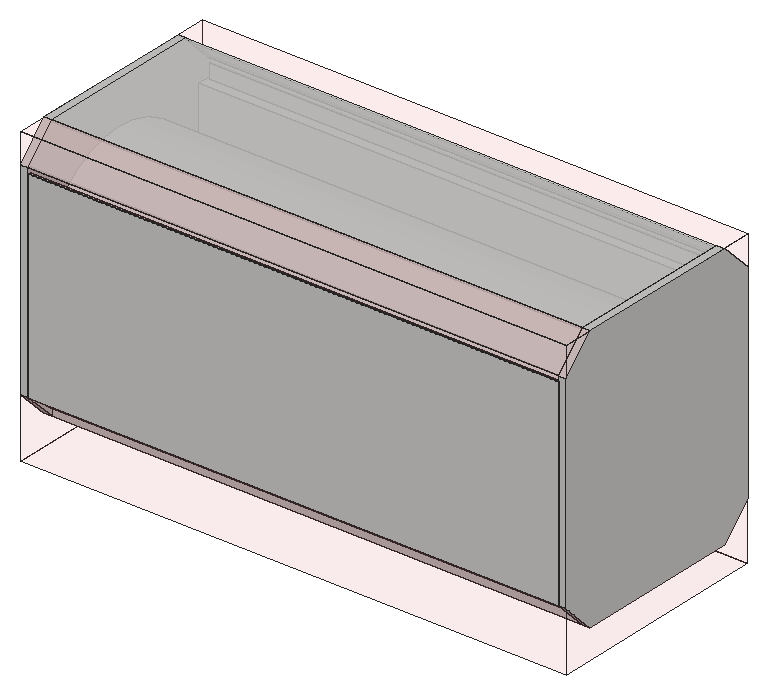
Revit family "Air-Curtain_Climate-Control_PoweredAire_ECE-E", category Mechanical Equipment, host Face, Revit 2024
Family settings
  Host = Face
  Round Connector Dimension = Use Diameter
  Part Type = Normal
  OmniClass Number = 23.75.35.17.21
  OmniClass Title = Air Curtains
  Cut with Voids When Loaded = No
  Maintain Annotation Orientation = No
  Shared = No
  Room Calculation Point = No
Parameters
  Warranty Duration (Years) = 0
  Unit Width Notes = "Other Widths available."  # constant formula
  Unit Width = 3' - 0"
  Unit Weight = 0
  Unit Height = 1' - 3"
  Unit Depth = 1' - 5 1/2"
  URL = "http://www.poweredaire.com/"
  Test Data = ""
  Temperature Rise_Range = "as Specified"
  Standards Conformance = "as Specified"
  Specification = "http://www.arcat.com/sdspecs/htm04/23_34_33pai.htm"
  SpecWizard = ""
  Sound Pressure = "as Specified"
  Sales Information = "http://www.poweredaire.com/contact_us"
  Revision = "R1_2016-08"
  Projection from Host [instance] = 0' - 2"
  Product Properties = ""
  Product Data = "http://www.arcat.com/arcatcos/cos47/arc47623.html"
  Power Rating = 0 W
  Outlet Volume_Range = "as Specified"
  Outlet Velocity_Range = "as Specified"
  Nozzle Width = if(1 = 1, Unit Width - 0' 1", 0' 0")  # 2' - 11"
  Mounting Width = if(1 = 1, Unit Width - 0' 0 15/16", 0' 0")  # 2' - 11 1/16"
  Mounting Height [instance] = 3' - 6"
  Motor RPM = 0
  Motor HP = 0
  Motor Count = 0
  Model = "As Specified"
  Max Height = 0' - 0"
  Manufacturer Website = "http://www.poweredaire.com/"
  Manufacturer Phone - Toll Free = "888-321-2473"
  Manufacturer Phone = "724-588-3305"
  Manufacturer Fax = "724-588-3371"
  Manufacturer Address = "109 Mortensen Rd.  Greenville, PA 16125"
  Manufacturer = "Powered Aire, Inc"
  Maintenance Schedule (Months) = 0
  Keynote = "23 34 33"
  Installation-Fabrication = ""
  Installation Phase = ""
  Include Clearance [instance] = yes
  Heating Element Load = 0 W
  HVAC_Temperature Rise [instance] = 0 °F
  HVAC_Outlet Volume [instance] = 0 CFM
  HVAC_Outlet Velocity Uniformity = 0
  HVAC_Outlet Velocity [instance] = 0 FPM
  Green Building-LEED = "http://www.arcat.com/green/clients/leed_data_47623.html"
  Front Grating Material [instance] = Metal - Steel - PoweredAire - Stainless 304 Perforated
  Frame Finish [instance] = Metal - Steel - PoweredAire - Stainless 304
  Expected Lifespan (Years) = 0
  Electrical_Wattage [instance] = Power Rating + Heating Element Load  # 0 W
  Electrical_Voltage [instance] = 0 V
  Electrical_Phase [instance] = 1
  Electrical_Frequency [instance] = 0 Hz
  Electrical_Amperage [instance] = 0 A
  Drawn By = "Sumex Design, Inc. / Robert S. Weygant, CSI, CDT, SCIP"
  Description = "Powered Aire Air Curtain as Specified"
  Default Elevation = 0' - 0"  # constant formula
  Copyright = "©Arcat Inc."
  Construction Details = "http://www.arcat.com/details/powair/prod3336.html"
  Clearance_Top [instance] = 0' - 0"
  Clearance_Side B [instance] = 0' - 0"
  Clearance_Side A [instance] = 0' - 0"
  Clearance_Intake [instance] = 0' - 0"
  Clearance_Bottom [instance] = 0' - 0"
  Clearance Material [instance] = ARCAT Clearance
  Building Codes = ""
  Available Options [instance] = "as Specified"
  Assembly Code = "D3090400"
Reference planes (in)
  plane 1 "Center (Elevation)": y = 0.13818
  plane 2: z = 0
  plane 3 "Center (Left/Right)": x = 0
  plane 4: y = 7.63818
  plane 5: y = -7.36182
  plane 6: x = -18
  plane 7: x = 18
  plane 8: z = 19.5
  plane 9 "FF": y = -41.86182
  plane 10: z = 2
  plane 11: x = 17.5
  plane 12: x = -17.5
  plane 13: y = 7.63818
  plane 14: y = -7.36182
  plane 15: x = -18
  plane 16: x = 18
  plane 17: z = 19.5
Forms (in)
  Extrusion 1, solid, material "Metal - Steel - PoweredAire - Stainless 304" <- "Frame Finish"
    sketch origin (0, 0, 0) x (0, 1, 0) y (0, 0, 1)
      loop
        line (5.69363, 2) -> (7.63818, 3.94454) -> (7.63818, 17.55546) -> (5.69363, 19.5) -> (-5.41728, 19.5) -> (-7.36182, 17.55546) -> (-7.36182, 3.94454) -> (-5.41728, 2) -> (5.69363, 2)
    from 17.5 to 18
  Extrusion 2, solid, material "Metal - Steel - PoweredAire - Stainless 304" <- "Frame Finish"
    sketch origin (0, 0, -0.5) x (0, 1, 0) y (0, 0, 1)
      loop
        circle (0.13818, 10.9739) r 6.25
      loop
        line (6.63818, 16.89427) -> (6.63818, 5.87829) -> (7.33849, 5.87829) -> (7.33849, 16.89427) -> (6.63818, 16.89427)
      loop
        line (-7.02798, 16.76927) -> (-7.02798, 5.75329) -> (-6.36182, 5.75329) -> (-6.36182, 16.76927) -> (-7.02798, 16.76927)
    from -17.5 to 17.5
  Extrusion 3, solid, material "Metal - Steel - PoweredAire - Stainless 304" <- "Frame Finish"
    sketch origin (0, 0, 0) x (0, 1, 0) y (0, 0, -1)
      loop
        line (5.69363, -2) -> (-5.41728, -2) -> (-7.36182, -3.94454) -> (-7.36182, -17.55546) -> (-5.41728, -19.5) -> (5.69363, -19.5) -> (7.63818, -17.55546) -> (7.63818, -3.94454) -> (5.69363, -2)
    from 17.5 to 18
  Extrusion 4, solid, material "Metal - Steel - PoweredAire - Stainless 304" <- "Frame Finish"
    sketch origin (0, 0, 0) x (0, 1, 0) y (0, 0, 1)
      loop
        line (-5.41728, 2) -> (5.69363, 2) -> (7.63818, 3.94454) -> (7.63818, 17.19454) -> (7.51318, 17.19454) -> (7.51318, 3.99632) -> (5.64186, 2.125) -> (-5.29228, 2.125) -> (-5.29228, 4.06954) -> (-7.23682, 4.06954) -> (-7.23682, 17.19454) -> (-7.36182, 17.19454) -> (-7.36182, 3.94454) -> (-5.41728, 3.94454) -> (-5.41728, 2)
      loop
        line (-6.64819, 3.61034) -> (-5.8702, 2.83235) -> (-5.74472, 2.95783) -> (-6.52271, 3.73583) -> (-6.64819, 3.61034)
    from -17.5 to 17.5
  Extrusion 5, solid, material "Metal - Steel - PoweredAire - Stainless 304 Perforated" <- "Front Grating Material"
    sketch origin (0, 0, 0) x (0, 1, 0) y (0, 0, 1)
      loop
        line (-7.36182, 17.19454) -> (-7.23682, 17.19454) -> (-7.23682, 17.50368) -> (-5.3655, 19.375) -> (5.64186, 19.375) -> (7.51318, 17.50368) -> (7.51318, 17.19454) -> (7.63818, 17.19454) -> (7.63818, 17.55546) -> (5.69363, 19.5) -> (-5.41728, 19.5) -> (-7.36182, 17.55546) -> (-7.36182, 17.19454)
    from -17.5 to 17.5
  Extrusion 6, solid, material "ARCAT Clearance" <- "Clearance Material", visible <- "Include Clearance"
    sketch origin (0, 0, 0) x (0, 1, 0) y (0, 0, 1)
      loop
        line (-7.36182, 19.5) -> (-7.36182, 0) -> (7.63818, 0) -> (7.63818, 19.5) -> (-7.36182, 19.5)
    from -18 to 18
Dimensions and locks (in)
  equal spacing: plane 4, plane 1 "Center (Elevation)", plane 5
  "Unit Height": plane 4 to plane 5
  equal spacing: plane 6, plane 3 "Center (Left/Right)", plane 7
  "Unit Width": plane 6 to plane 7
  "Mounting Height": plane 1 "Center (Elevation)" to plane 9 "FF"
  "Projection from Host": plane 10 to level
  "Unit Depth": plane 8 to plane 10
  locked: plane 6 to plane 12 at 0.5
  locked: plane 11 to plane 7 at 0.5
  "Clearance_Side A": plane 7 to plane 16
  "Clearance_Side B": plane 15 to plane 6
  "Clearance_Top": plane 13 to plane 4
  "Clearance_Bottom": plane 5 to plane 14
  "Clearance_Intake": plane 17 to plane 8
  aligned and locked: plane 2 to host face
  aligned and locked: level to host face
  aligned and locked: plane 7 to Extrusion 1
  aligned and locked: Extrusion 1 to plane 11
  aligned and locked: plane 12 to Extrusion 3
  aligned and locked: Extrusion 3 to plane 6
  aligned and locked: Extrusion 2 to plane 12
  aligned and locked: plane 11 to Extrusion 2
  aligned and locked: plane 11 to Extrusion 4
  aligned and locked: Extrusion 4 to plane 12
  aligned and locked: plane 11 to Extrusion 5
  aligned and locked: Extrusion 5 to plane 12
  aligned and locked: Extrusion 6 sketch curve to plane 17
  aligned and locked: plane 14 to Extrusion 6 sketch curve
  aligned and locked: level to Extrusion 6 sketch curve
  aligned and locked: Extrusion 6 sketch curve to plane 13
  aligned and locked: plane 16 to Extrusion 6
  aligned and locked: Extrusion 6 to plane 15
Automatic sketch dimensions
  host sketch curve to host sketch curve = 8' - 0"  (x2)
  Extrusion 1 sketch curve to plane 5 = 0' - 0"
  Extrusion 1 sketch curve to plane 8 = 0' - 0"
  Extrusion 1 sketch curve to plane 10 = 0' - 0"
  Extrusion 1 sketch curve to plane 4 = 0' - 0"
  plane 5 to Extrusion 1 sketch curve = 0' - 1.94454"  (x2)
  Extrusion 1 sketch curve to plane 4 = 0' - 1.94454"  (x2)
  plane 10 to Extrusion 1 sketch curve = 0' - 1.94454"  (x2)
  Extrusion 1 sketch curve to plane 8 = 0' - 1.94454"  (x2)
  Extrusion 2 sketch curve to plane 1 "Center (Elevation)" = 0' - 0"
  plane 5 to Extrusion 2 sketch curve = 0' - 1"
  plane 5 to Extrusion 2 sketch curve = 0' - 0.33384"
  Extrusion 2 sketch curve to plane 4 = 0' - 1"
  Extrusion 2 sketch curve to plane 4 = 0' - 0.29969"
  plane 10 to Extrusion 2 sketch curve = 0' - 3.37829"
  plane 10 to Extrusion 2 sketch curve = 0' - 3.25329"
  Extrusion 2 sketch curve to plane 8 = 0' - 9.0261"
  Extrusion 2 sketch curve to plane 8 = 0' - 3.23073"
  Extrusion 2 sketch curve to plane 8 = 0' - 3.10573"
  Extrusion 3 sketch curve to plane 5 = 0' - 0"
  Extrusion 3 sketch curve to plane 8 = 0' - 0"
  Extrusion 3 sketch curve to plane 10 = 0' - 0"
  Extrusion 3 sketch curve to plane 4 = 0' - 0"
  plane 5 to Extrusion 3 sketch curve = 0' - 1.94454"  (x2)
  Extrusion 3 sketch curve to plane 4 = 0' - 1.94454"  (x2)
  Extrusion 3 sketch curve to plane 8 = 0' - 1.94454"  (x2)
  plane 10 to Extrusion 3 sketch curve = 0' - 1.94454"  (x2)
  Extrusion 4 sketch curve to plane 5 = 0' - 0"
  Extrusion 4 sketch curve to plane 10 = 0' - 0"
  Extrusion 4 sketch curve to plane 4 = 0' - 0"
  plane 5 to Extrusion 4 sketch curve = 0' - 0 1/8"
  plane 5 to Extrusion 4 sketch curve = 0' - 0.71363"
  Extrusion 4 sketch curve to Extrusion 4 sketch curve = 0' - 0.12548"  (x2)
  Extrusion 4 sketch curve to Extrusion 4 sketch curve = 0' - 0.778"
  Extrusion 4 sketch curve to Extrusion 4 sketch curve = 0' - 0.32744"
  Extrusion 4 sketch curve to Extrusion 4 sketch curve = 0' - 0 1/8"  (x2)
  plane 10 to Extrusion 4 sketch curve = 0' - 0 1/8"
  Extrusion 4 sketch curve to plane 4 = 0' - 1.99632"
  Extrusion 4 sketch curve to Extrusion 4 sketch curve = 0' - 0.05178"  (x2)
  plane 10 to Extrusion 4 sketch curve = 0' - 0.83235"
  plane 10 to Extrusion 4 sketch curve = 0' - 1.94454"
  Extrusion 4 sketch curve to Extrusion 4 sketch curve = 0' - 0.3342"
  Extrusion 4 sketch curve to plane 4 = 0' - 0 1/8"
  Extrusion 4 sketch curve to plane 8 = 0' - 2.30546"  (x2)
  Extrusion 5 sketch curve to plane 5 = 0' - 0"
  Extrusion 5 sketch curve to plane 8 = 0' - 0"
  Extrusion 5 sketch curve to plane 4 = 0' - 0"
  plane 5 to Extrusion 5 sketch curve = 0' - 0 1/8"
  plane 5 to Extrusion 5 sketch curve = 0' - 1.94454"
  Extrusion 5 sketch curve to plane 8 = 0' - 0 1/8"
  Extrusion 5 sketch curve to Extrusion 5 sketch curve = 0' - 0.05178"  (x4)
  Extrusion 5 sketch curve to plane 4 = 0' - 1.99632"
  Extrusion 5 sketch curve to plane 8 = 0' - 1.94454"  (x2)
  Extrusion 5 sketch curve to Extrusion 5 sketch curve = 0' - 0 1/8"
  Extrusion 5 sketch curve to Extrusion 5 sketch curve = 0' - 0.30914"  (x2)
  radius of Extrusion 2 sketch curve = 0' - 6 1/4"
Connectors (in)
  electrical at (0, 7.63818, 10.56954), driven by "Electrical_Phase", driven by "Electrical_Voltage"
    settings: on Extrusion 4, index 1, voltage 0 V, apparent load 0 VA, apparent load phase1 0 VA, apparent load phase2 0 VA, apparent load phase3 0 VA, power factor 1, load classification "Motor", number of poles 1, system type 31, power factor state 1, is connector primary yes, connector utility no, sub classification motor no, connector description ""
